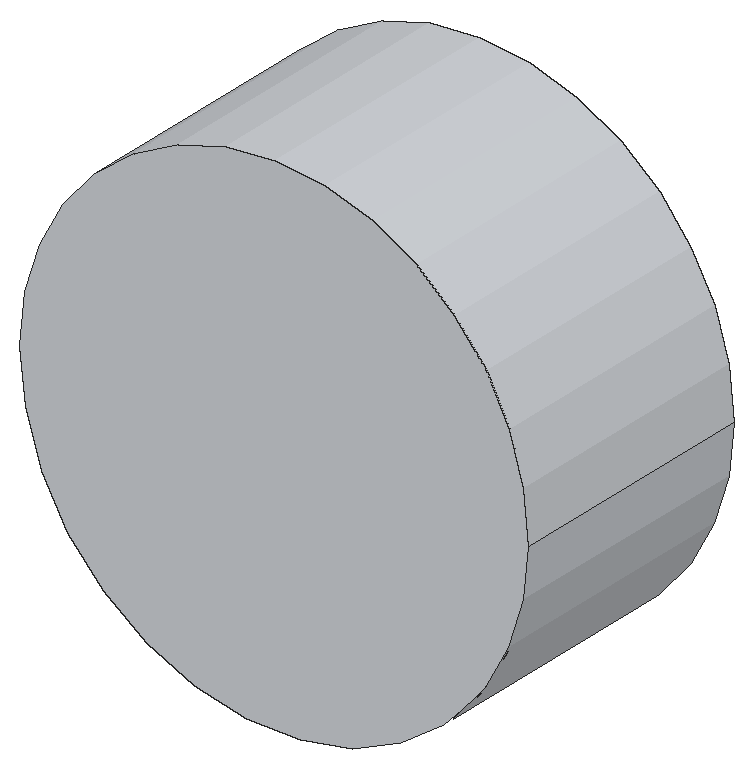
Revit family "MULBV411030", category Generic Models, Revit 2018
Family settings
  Can host rebar = No
  Round Connector Dimension = Use Diameter
  Part Type = Normal
  OmniClass Number = 23.60.30.14
  OmniClass Title = Ducting and Wireways for General Use
  Work Plane-Based = No
  Always vertical = Yes
  Cut with Voids When Loaded = No
  Shared = No
  Room Calculation Point = No
Parameters (values of type "Standard")
  URL = "https://trekput.nl/productPage.php?id=MULBV411030"
  Part Number = "MULBV411030"
  Model = "MULBV411030"
  Manufacturer = "PowerCast"
  Designer = "eugeneraaijmakers"
  Design Status = 1
  Description = "Multiduct Bocht 4*110 Verticaal 30°"
  Date Created = "21-2-2025 21:11:08"
  Author = "eugeneraaijmakers"
Reference planes
  plane 1 "Center (Front/Back)": y = 0
  plane 2: z = 0
  plane 3 "Center (Left/Right)": x = 0
Forms (mm)
  Extrusion 1, solid
    sketch origin (0.02, 7.024, -0.025) x (0.999996, -0.002855, 0.00001) y (0, 0.003563, 0.999994)
      loop
        circle (0, 0) r 3.048
    from 0 to -3.048
Dimensions and locks
  aligned and locked: level to plane 2
Connectors
  hvac at (0.02, 7.024, -0.025)
    settings: on Extrusion 1, index 1, duct flow 0.0 L/s, flow factor 0, pres drop 0.0 Pa, loss coef 0, conn angle 0.00°, conn width 304.8 mm, conn height 304.8 mm, conn diameter 609.6 mm, duct sys type 4, conn prof type 1, flow config 1, flow direction 1, loss method 0, conn ref index -1, conn util no, is conn primary yes, conn desc "Multiduct Bocht 4*110 Verticaal 30°"
